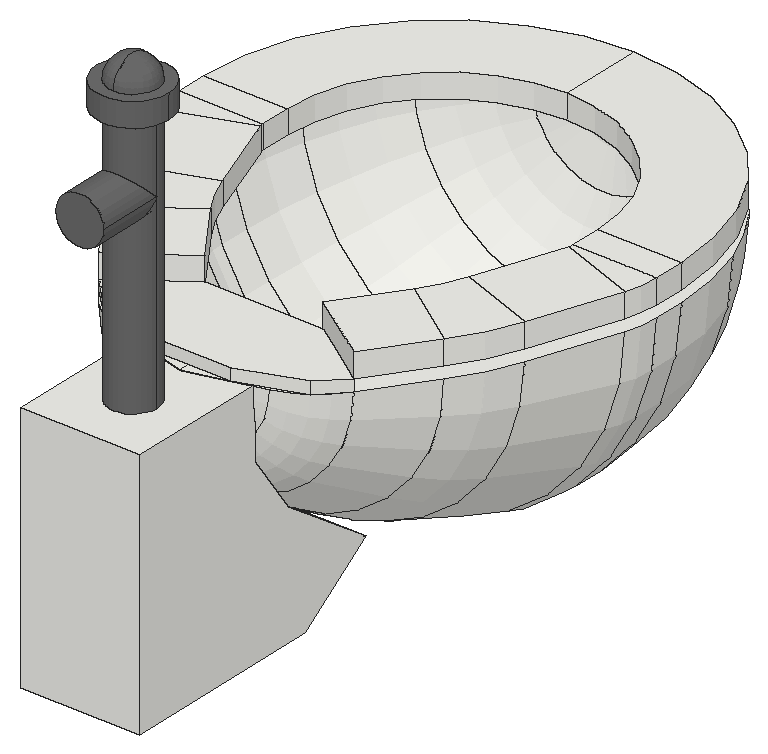
Revit family "453e490c4d79451dbe2fc284392468f5", category Plumbing Fixtures, host Wall, Revit 2021
Family settings
  Host = Wall
  Round Connector Dimension = Use Diameter
  Part Type = Normal
  OmniClass Number = 23.45.05.21.11
  OmniClass Title = Water Closets
  Seek Item ID = Toilet-Commercial-Wall-3D-0000-USA-ENU
  Always vertical = Yes
  Cut with Voids When Loaded = No
  Shared = Yes
  Room Calculation Point = No
Parameters (values of type "15" Seat Height")
  Default Elevation = 0' - 0"
  Assembly Code = "D2010110"
  Mounting Height = 1' - 3"
  Piping Material = Steel, Polished
  Toilet - Bowl Material = Porcelain, Ivory
  Toilet - Seat Material = Laminate, Ivory, Matte
Types (2): name | Mounting Height
  15" Seat Height | 1' - 3"
  19" Seat Height | 1' - 7"
Reference planes (in)
  plane 1: y = 0
  plane 2: x = 15.94107
  plane 3: y = 2
  plane 4: y = 32
  plane 5: z = 13.5
  plane 6: y = 21
  plane 7: y = 11
  plane 8: z = 15
  plane 9: z = 25.5
  plane 10: y = 4.77698
Forms (in)
  Extrusion 1, solid, material "Porcelain, Ivory" <- "Toilet - Bowl Material"
    sketch origin (15.94107, 0, 0) x (0, -1, 0) y (0, 0, 1)
      loop
        line (-2, 13.5) -> (-8.0159, 13.5) -> (-8.0159, 10.60222) -> (-9.73663, 8.14477) -> (-13.83239, 5.27688) -> (-10.6632, 3) -> (-2, 3) -> (-2, 13.5)
    from -2.5 to 2.5
  Extrusion 2, solid, material "Steel, Polished" <- "Piping Material"
    sketch origin (13.44107, 2, 13.5) x (1, 0, 0) y (0, 1, 0)
      loop
        circle (2.5, 2.77698) r 1
    from 0 to 11
  Extrusion 3, solid, material "Steel, Polished" <- "Piping Material"
    sketch origin (0, 2, 0) x (1, 0, 0) y (0, 0, 1)
      loop
        circle (15.94107, 21.42564) r 1
    from 0 to -2.78125
  Extrusion 4, solid, material "Steel, Polished" <- "Piping Material"
    sketch origin (13.44107, 2, 24.5) x (1, 0, 0) y (0, 1, 0)
      loop
        circle (2.5, 2.77698) r 1.5
    from 0 to 1
  Revolve 5, solid, material "Steel, Polished" <- "Piping Material"
    sketch origin (15.94107, 0, 0) x (0, -1, 0) y (0, 0, 1)
      loop
        line (-5.78555, 25.5) -> (-4.77698, 25.5) -> (-4.77698, 26.50857)
        arc (-4.77698, 26.50857) -> (-5.49014, 26.21316) -> (-5.78555, 25.5) r 1.00857
      axis (-4.77698, 25.5) -> (-4.77698, 26.50857)
    angle from 0 to 360
  Revolve 6, solid, material "Porcelain, Ivory" <- "Toilet - Bowl Material"
    sketch origin (0, 0, 13.5) x (1, 0, 0) y (0, 1, 0)
      loop
        line (15.94107, 31) -> (15.94107, 30)
        arc (15.94107, 30) -> (17.5039, 29.86327) -> (19.01925, 29.45723) r 9
        arc (19.01925, 29.45723) -> (20.77677, 28.59052) -> (22.30503, 27.36396) r 9
        arc (22.30503, 27.36396) -> (23.53159, 25.8357) -> (24.3983, 24.07818) r 9
        arc (24.3983, 24.07818) -> (24.80434, 22.56283) -> (24.94107, 21) r 9
        line (24.94107, 21) -> (24.94107, 19.70531)
        arc (24.94107, 19.70531) -> (24.89549, 19.18436) -> (24.76015, 18.67925) r 3
        line (24.76015, 18.67925) -> (23.48959, 15.18842)
        arc (23.48959, 15.18842) -> (22.91009, 13.87141) -> (22.16364, 12.6413) r 11
        line (22.16364, 12.6413) -> (20.67216, 10.51124)
        arc (20.67216, 10.51124) -> (19.68986, 9.52894) -> (18.43083, 8.94185) r 4
        line (18.43083, 8.94185) -> (15.94107, 8.27472) -> (15.94107, 7.23944) -> (19.04122, 8.07012)
        arc (19.04122, 8.07012) -> (20.30025, 8.65722) -> (21.28255, 9.63952) r 4
        line (21.28255, 9.63952) -> (23.05831, 12.17557)
        arc (23.05831, 12.17557) -> (23.80475, 13.40567) -> (24.38425, 14.72269) r 11
        line (24.38425, 14.72269) -> (25.69984, 18.33723)
        arc (25.69984, 18.33723) -> (25.8803, 19.01072) -> (25.94107, 19.70531) r 4
        line (25.94107, 19.70531) -> (25.94107, 21)
        arc (25.94107, 21) -> (25.78915, 22.73648) -> (25.338, 24.4202) r 10
        arc (25.338, 24.4202) -> (24.37498, 26.373) -> (23.01214, 28.07107) r 10
        arc (23.01214, 28.07107) -> (21.31407, 29.43391) -> (19.36127, 30.39693) r 10
        arc (19.36127, 30.39693) -> (17.67755, 30.84808) -> (15.94107, 31) r 10
      axis (15.94107, 7.23944) -> (15.94107, 31)
    angle from 0 to 180
  Sweep 7, solid, material "Laminate, Ivory, Matte" <- "Toilet - Seat Material"
    path origin (0, 0, 13.5) x (1, 0, 0) y (0, 1, 0)
      loop
        line (21.28255, 9.63952) -> (23.05831, 12.17557)
        arc (23.05831, 12.17557) -> (23.80475, 13.40567) -> (24.38425, 14.72269) r 11
        line (24.38425, 14.72269) -> (25.69984, 18.33723)
        arc (25.69984, 18.33723) -> (25.8803, 19.01072) -> (25.94107, 19.70531) r 4
        line (25.94107, 19.70531) -> (25.94107, 21)
        arc (25.94107, 21) -> (23.01214, 28.07107) -> (15.94107, 31) r 10
        arc (15.94107, 31) -> (8.87, 28.07107) -> (5.94107, 21) r 10
        line (5.94107, 21) -> (5.94107, 19.70531)
        arc (5.94107, 19.70531) -> (6.00184, 19.01072) -> (6.1823, 18.33723) r 4
        line (6.1823, 18.33723) -> (7.49788, 14.72269)
        arc (7.49788, 14.72269) -> (8.07738, 13.40567) -> (8.82383, 12.17557) r 11
        line (8.82383, 12.17557) -> (10.59959, 9.63952)
    profile origin (0, 20.35265, 13.5) x (-1, 0, 0) y (0, 0, 1)
      loop
        line (-25.94107, 0.5) -> (-22.44107, 0.5) -> (-22.44107, 1.5) -> (-25.94107, 1.5) -> (-25.94107, 0.5)
  Extrusion 8, solid, material "Porcelain, Ivory" <- "Toilet - Bowl Material"
    sketch origin (15.94107, 21, 15) x (1, 0, 0) y (0, 1, 0)
      loop
        line (-2.47445, -9.35296) -> (-5.34148, -11.36048) -> (-4.35918, -12.34278) -> (-1.7583, -13.28943) -> (1.7583, -13.28943) -> (4.35918, -12.34278) -> (5.34148, -11.36048) -> (2.47445, -9.35296) -> (-2.47445, -9.35296)
    from -1 to -1.5
Lines and regions (in)
  Masking region 1
    outline origin (0, 0, 0) x (1, 0, 0) y (0, 1, 0)
      loop
        arc (23.05831, 12.17557) -> (23.80475, 13.40567) -> (24.38425, 14.72269) r 11
        line (24.38425, 14.72269) -> (25.69984, 18.33723)
        arc (25.69984, 18.33723) -> (25.8803, 19.01072) -> (25.94107, 19.70531) r 4
        line (25.94107, 19.70531) -> (25.94107, 21)
        arc (25.94107, 21) -> (23.01214, 28.07107) -> (15.94107, 31) r 10
        arc (15.94107, 31) -> (8.87, 28.07107) -> (5.94107, 21) r 10
        line (5.94107, 21) -> (5.94107, 19.70531)
        arc (5.94107, 19.70531) -> (6.00184, 19.01072) -> (6.1823, 18.33723) r 4
        line (6.1823, 18.33723) -> (7.49788, 14.72269)
        arc (7.49788, 14.72269) -> (8.07738, 13.40567) -> (8.82383, 12.17557) r 11
        line (8.82383, 12.17557) -> (10.59959, 9.63952)
        arc (10.59959, 9.63952) -> (11.83868, 8.49166) -> (13.44107, 7.95756) r 4
        line (13.44107, 7.95756) -> (13.44107, 2) -> (18.44107, 2) -> (18.44107, 7.95756)
        arc (18.44107, 7.95756) -> (20.04346, 8.49166) -> (21.28255, 9.63952) r 4
        line (21.28255, 9.63952) -> (23.05831, 12.17557)
  symbolic lines
    curve 1: line (13.46662, 11.64704, 0) -> (11.69086, 14.18308, 0)
    curve 2: line (20.19128, 14.18308, 0) -> (18.41552, 11.64704, 0)
    curve 3: line (13.46662, 11.64704, 0) -> (10.59959, 9.63952, 0)
    curve 4: line (21.28255, 9.63952, 0) -> (18.41552, 11.64704, 0)
    curve 5: arc (10.78681, 15.91976, 0) -> (11.18192, 15.02179, 0) -> (11.69086, 14.18308, 0) r 7.5
    curve 6: line (10.78681, 15.91976, 0) -> (9.47122, 19.5343, 0)
    curve 7: line (9.44107, 19.70531, 0) -> (9.44107, 21, 0)
    curve 8: arc (15.94107, 27.5, 0) -> (11.34487, 25.59619, 0) -> (9.44107, 21, 0) r 6.5
    curve 9: arc (22.44107, 21, 0) -> (20.53726, 25.59619, 0) -> (15.94107, 27.5, 0) r 6.5
    curve 10: line (22.44107, 21, 0) -> (22.44107, 19.70531, 0)
    curve 11: line (22.41092, 19.5343, 0) -> (21.09533, 15.91976, 0)
    curve 12: arc (22.41092, 19.5343, 0) -> (22.43347, 19.61848, 0) -> (22.44107, 19.70531, 0) r 0.5
    curve 13: arc (20.19128, 14.18308, 0) -> (20.70022, 15.02179, 0) -> (21.09533, 15.91976, 0) r 7.5
    curve 14: arc (14.44107, 4.77698, 0) -> (15.94107, 3.27698, 0) -> (17.44107, 4.77698, 0) r 1.5
    curve 15: arc (17.44107, 4.77698, 0) -> (15.94107, 6.27698, 0) -> (14.44107, 4.77698, 0) r 1.5
    curve 16: line (14.94107, 2, 0) -> (14.94107, 3.65895, 0)
    curve 17: line (16.94107, 2, 0) -> (16.94107, 3.65895, 0)
    curve 18: circle (15.94107, 4.78125, 0) r 0.99581 normal (0, 0, 1)
    curve 19: line (18.41552, 11.64704, 0) -> (13.46662, 11.64704, 0)
    curve 20: arc (13.44107, 7.95756, 0) -> (15.94107, 7.70752, 0) -> (18.44107, 7.95756, 0) r 12.6227
Text (in)
  text "Placement Side" at (0, 40.15149, 123.01588), in view "Right"
  text "Placement Side, matches cursor" at (-30.92805, 50.76595, 0), in view "Floor Line"
  text "Placement Side" at (0, 47.49176, 61.18918), in view "Left"
Dimensions and locks (in)
  locked: plane 3 to plane 6 at 19
  locked: plane 3 to plane 7 at 9
  "Mounting Height": plane 8 to level
  locked: plane 8 to plane 5 at 1.5
  locked: plane 8 to plane 9 at 10.5
  locked: plane 3 to plane 10 at 2.77698
  locked: Extrusion 1 sketch curve to plane 5 at 10.5
  aligned and locked: plane 3 to host wall
  aligned and locked: Masking region 1 sketch curve to Sweep 7  (x6)
  aligned and locked: Masking region 1 sketch curve to Revolve 6
  aligned and locked: curve 1 to Sweep 7
  aligned and locked: curve 2 to Sweep 7
  aligned and locked: curve 3 to Extrusion 8
  aligned and locked: curve 4 to Extrusion 8
  aligned and locked: curve 7 to Sweep 7
  aligned and locked: curve 9 to Sweep 7
  aligned and locked: curve 11 to Sweep 7
  aligned and locked: curve 14 to Extrusion 4
  aligned and locked: curve 19 to Extrusion 8
  aligned and locked: Sweep 7 sketch curve to plane 8
  aligned and locked: plane 5 to Extrusion 8
  aligned: Extrusion 8 to Sweep 7
Automatic sketch dimensions
  Extrusion 1 sketch curve to plane 5 = 0' - 0"
  Extrusion 1 sketch curve to plane 3 = 0' - 0"
  plane 7 to Extrusion 1 sketch curve = 0' - 2.9841"
  plane 7 to Extrusion 1 sketch curve = 0' - 1.26337"
  plane 7 to Extrusion 1 sketch curve = 0' - 0.3368"
  Extrusion 1 sketch curve to plane 7 = 0' - 2.83239"
  plane 5 to Extrusion 1 sketch curve = 0' - 2.89778"
  Extrusion 1 sketch curve to Extrusion 1 sketch curve = 0' - 2.45746"
  Extrusion 1 sketch curve to Extrusion 1 sketch curve = 0' - 2.86788"
  Extrusion 2 sketch curve to plane 2 = 0' - 0"
  Extrusion 2 sketch curve to Extrusion 2 sketch curve = 0' - 1"
  Extrusion 2 sketch curve to plane 3 = 0' - 2.77698"
  Extrusion 3 sketch curve to plane 2 = 0' - 0"
  plane 2 to Extrusion 3 sketch curve = 0' - 1"
  Extrusion 3 sketch curve to plane 5 = 0' - 7.92564"
  Extrusion 4 sketch curve to plane 2 = 0' - 0"
  Extrusion 4 sketch curve to Extrusion 4 sketch curve = 0' - 1 1/2"
  Extrusion 4 sketch curve to plane 3 = 0' - 2.77698"
  Revolve 5 sketch curve to plane 9 = 0' - 0"
  Revolve 5 sketch curve to plane 10 = 0' - 0"  (x2)
  Revolve 5 sketch curve to Revolve 5 sketch curve = 0' - 1.00857"
  Revolve 5 sketch curve to Revolve 5 sketch curve = 0' - 1.53583"
  Revolve 5 sketch curve to Revolve 5 sketch curve = 0' - 1"
  Revolve 6 sketch curve to plane 2 = 0' - 0"  (x9)
  Revolve 6 sketch curve to plane 6 = 0' - 0"  (x8)
  plane 2 to Revolve 6 sketch curve = 0' - 1.89343"
  Revolve 6 sketch curve to plane 2 = 0' - 1.45448"
  Revolve 6 sketch curve to Revolve 6 sketch curve = 0' - 0.61039"  (x3)
  Revolve 6 sketch curve to plane 2 = 0' - 2.48976"
  Revolve 6 sketch curve to Revolve 6 sketch curve = 0' - 0.34202"  (x2)
  plane 7 to Revolve 6 sketch curve = 0' - 0.48876"
  Revolve 6 sketch curve to Revolve 6 sketch curve = 0' - 2.24133"
  plane 7 to Revolve 6 sketch curve = 0' - 1.36048"
  plane 6 to Revolve 6 sketch curve = 0' - 1.29469"
  Revolve 6 sketch curve to Revolve 6 sketch curve = 0' - 4"
  Revolve 6 sketch curve to Revolve 6 sketch curve = 0' - 0"
  Revolve 6 sketch curve to Revolve 6 sketch curve = 0' - 1.49148"
  Revolve 6 sketch curve to Revolve 6 sketch curve = 0' - 0.70711"
  Revolve 6 sketch curve to plane 7 = 0' - 1.17557"
  Revolve 6 sketch curve to Revolve 6 sketch curve = 0' - 0.89466"  (x3)
  Revolve 6 sketch curve to plane 7 = 0' - 4.18842"
  Revolve 6 sketch curve to Revolve 6 sketch curve = 0' - 1.32595"
  Revolve 6 sketch curve to Revolve 6 sketch curve = 0' - 0.93969"  (x2)
  Revolve 6 sketch curve to Revolve 6 sketch curve = 0' - 0.18092"
  Revolve 6 sketch curve to Revolve 6 sketch curve = 0' - 1.5694"
  Revolve 6 sketch curve to Revolve 6 sketch curve = 0' - 0.66713"
  Revolve 6 sketch curve to Revolve 6 sketch curve = 0' - 0.87172"
  Revolve 6 sketch curve to Revolve 6 sketch curve = 0' - 1.03528"
  Revolve 6 sketch curve to Revolve 6 sketch curve = 0' - 3.07818"
  Revolve 6 sketch curve to Revolve 6 sketch curve = 0' - 2.09327"
  Revolve 6 sketch curve to Revolve 6 sketch curve = 0' - 4.14214"
  Revolve 6 sketch curve to Revolve 6 sketch curve = 0' - 4.02829"
  Revolve 6 sketch curve to Revolve 6 sketch curve = 0' - 1.54852"
  plane 6 to Revolve 6 sketch curve = 0' - 6.27731"
  Revolve 6 sketch curve to Revolve 6 sketch curve = 0' - 3.28578"
  Revolve 6 sketch curve to Revolve 6 sketch curve = 0' - 1.18092"
  Revolve 6 sketch curve to Revolve 6 sketch curve = 0' - 0.46573"
  Sweep 7 sketch curve to plane 6 = 0' - 0"  (x2)
  Sweep 7 sketch curve to plane 2 = 0' - 0"
  plane 2 to Sweep 7 sketch curve = 0' - 1.89343"
  plane 6 to Sweep 7 sketch curve = 0' - 1.29469"  (x2)
  Sweep 7 sketch curve to Sweep 7 sketch curve = 0' - 4.10657"
  Sweep 7 sketch curve to plane 7 = 0' - 1.17557"  (x2)
  Sweep 7 sketch curve to Sweep 7 sketch curve = 0' - 1.77576"  (x2)
  Sweep 7 sketch curve to Sweep 7 sketch curve = 0' - 1.32595"  (x2)
  plane 6 to Sweep 7 sketch curve = 0' - 2.66277"
  Sweep 7 sketch curve to Sweep 7 sketch curve = 0' - 1.31559"
  Sweep 7 sketch curve to plane 2 = 0' - 1.89343"
  Sweep 7 sketch curve to Sweep 7 sketch curve = 0' - 4"
  Sweep 7 sketch curve to Sweep 7 sketch curve = 0' - 0.24123"
  Sweep 7 sketch curve to Sweep 7 sketch curve = 0' - 2.54712"  (x2)
  plane 2 to Sweep 7 sketch curve = 0' - 7.11724"
  plane 7 to Sweep 7 sketch curve = 0' - 1.36048"  (x2)
  Sweep 7 sketch curve to plane 2 = 0' - 5.34148"
  plane 7 to Extrusion 8 sketch curve = 0' - 1.36048"  (x2)
  plane 2 to Extrusion 8 sketch curve = 0' - 5.34148"
  Extrusion 8 sketch curve to Extrusion 8 sketch curve = 0' - 0.9823"  (x4)
  Extrusion 8 sketch curve to plane 7 = 0' - 0.64704"
  plane 2 to Extrusion 8 sketch curve = 0' - 2.47445"
  plane 2 to Extrusion 8 sketch curve = 0' - 1.7583"
  Extrusion 8 sketch curve to plane 2 = 0' - 1.7583"
  Extrusion 8 sketch curve to plane 2 = 0' - 2.47445"
  Extrusion 8 sketch curve to Extrusion 8 sketch curve = 0' - 2.60088"
  Extrusion 8 sketch curve to Extrusion 8 sketch curve = 0' - 0.94664"
  Masking region 1 sketch curve to host wall = 0' - 0"
  plane 6 to Masking region 1 sketch curve = 0' - 2.66277"
  Masking region 1 sketch curve to plane 7 = 0' - 3.72269"
  Masking region 1 sketch curve to plane 7 = 0' - 1.17557"  (x2)
  plane 6 to Masking region 1 sketch curve = 0' - 1.29469"  (x2)
  plane 7 to Masking region 1 sketch curve = 0' - 1.36048"  (x2)
  plane 2 to Masking region 1 sketch curve = 0' - 2 1/2"
  plane 2 to Masking region 1 sketch curve = 0' - 1.89343"
  Masking region 1 sketch curve to plane 2 = 0' - 1.89343"
  Masking region 1 sketch curve to plane 2 = 0' - 2.06487"
  Masking region 1 sketch curve to plane 2 = 0' - 2 1/2"
  Masking region 1 sketch curve to Masking region 1 sketch curve = 0' - 2.84148"
  Masking region 1 sketch curve to Masking region 1 sketch curve = 0' - 1.77576"
  Masking region 1 sketch curve to Masking region 1 sketch curve = 0' - 1.32595"
  Masking region 1 sketch curve to Masking region 1 sketch curve = 0' - 0.24123"
  Masking region 1 sketch curve to Masking region 1 sketch curve = 0' - 1.68196"
  curve 16 to host wall = 0' - 0"
  curve 20 to plane 2 = 0' - 0"
  curve 18 to plane 2 = 0' - 0"
  curve 17 to host wall = 0' - 0"
  plane 6 to curve 6 = 0' - 1.4657"
  curve 7 to curve 6 = 0' - 0.03015"
  plane 7 to curve 3 = 0' - 1.36048"
  curve 6 to curve 6 = 0' - 1.31559"
  curve 5 to curve 5 = 0' - 0.90405"
  plane 2 to curve 20 = 0' - 2 1/2"
  plane 2 to curve 13 = 0' - 1.89343"
  plane 2 to curve 16 = 0' - 1"
  curve 17 to plane 2 = 0' - 1"
  curve 5 to plane 2 = 0' - 1.89343"
  curve 20 to plane 2 = 0' - 2 1/2"
  curve 2 to curve 13 = 0' - 1.77576"
  curve 11 to plane 7 = 0' - 4.91976"
  plane 7 to curve 4 = 0' - 1.36048"
  curve 12 to curve 10 = 0' - 0 1/2"
  plane 6 to curve 11 = 0' - 1.4657"
  curve 14 to curve 18 = 0' - 0.00427"
  plane 7 to curve 20 = 0' - 3.04244"
  curve 5 to curve 5 = 0' - 1.73667"
  curve 6 to curve 7 = 0' - 0.17101"
  plane 6 to curve 20 = 0' - 0.66979"
  Sweep 7 sketch curve to profile plane = 0' - 0"
  Sweep 7 sketch curve to Sweep 7 sketch curve = 0' - 3 1/2"
  Sweep 7 sketch curve to plane 5 = 0' - 0 1/2"
  radius of curve 18 = 0' - 0.99581"
